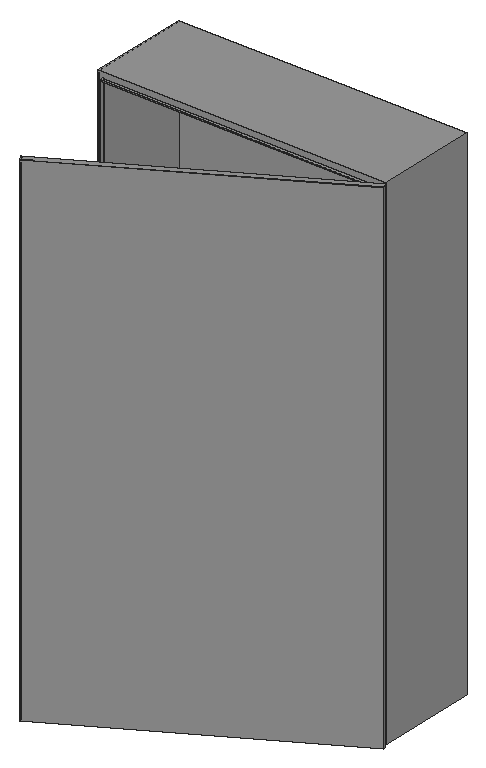
Revit family "Hager-Orion_Inox-IP66-D300-Cl.I-Inox_encl-630A-1400mm-NoHosted-PL-en", category Electrical Equipment, Revit 2020
Family settings
  Panel Configuration = Two Columns, Circuits Across
  Round Connector Dimension = Use Diameter
  Part Type = Panelboard
  Work Plane-Based = Yes
  Always vertical = Yes
  Cut with Voids When Loaded = No
  Shared = No
  Room Calculation Point = No
Parameters (values of type "Surface mounted (plaster) IP66 W800 H1400 D300  - FL049BWL")
  Width Control [instance] = if([EF000008 - Width] > Min Width, [EF000008 - Width], Min Width)  # 800 mm
  Type Comments = [HG000003 - Range]  # "Orion Inox"
  Thickness Door [instance] = if([EF009171 - Material plate thickness door/cover] > 3 mm, 3 mm, [EF009171 - Material plate thickness door/cover])  # 1.5 mm
  Seal Frame Offset [instance] = 17 mm  # constant formula
  Min Width [instance] = 100 mm  # constant formula
  Min Depth [instance] = (2 * [EF009170 - Material plate thickness cabinet]) + 1 mm  # 4 mm
  Min Height [instance] = 100 mm  # constant formula
  Internal Frame Depth [instance] = -(Door System Depth * 0.5)  # -9 mm
  Panel Name [instance] = ""  # (empty or 0)
  Model = ""
  HG000027 - Plinth height = 0 mm
  HG000026 - Floor standing = no
  HG000024 - Bottom section height = 600 mm
  HG000023 - Double section enclosure = no
  HG000016 - Door 3d visibility [instance] = yes
  HG000015 - Clearance visibility [instance] = no
  HG000014 - Door on the right [instance] = yes
  HG000013 - Door on the left [instance] = not([HG000014 - Door on the right])  # no
  HG000012 - Door swing angle [instance] = 30.00°
  HG000010 - Asymmetric doors = no
  HG000009 - Double swing door = no
  HG000006 - Flush mounted = no
  HG000004 - Manufacturer reference = "FL049BWL"
  HG000003 - Range = "Orion Inox"
  HG000002 - With door or cover = yes
  Frame Offset Bottom [instance] = 10 mm  # constant formula
  Frame Offset [instance] = 15 mm  # constant formula
  EF015940 - Cover with overpressure release = no
  EF011959 - Degree of protection (NEMA) = ""
  EF009554 - Number of openings for flange plates = 0
  EF009212 - Cover model = "EV000116 - Closed"
  EF009171 - Material plate thickness door/cover = 1.5 mm
  EF009170 - Material plate thickness cabinet = 1.5 mm
  EF008873 - Nominal current (In) = 630 A
  EF007800 - Suitable for lightning protection = no
  EF006306 - With lock = yes
  EF006244 - Transparent cover/door = no
  EF005474 - Degree of protection (IP) = "EV006422 - IP66"
  EF004464 - Type of door = "EV002646 - Single"
  EF004427 - Number of modules = 0
  EF004293 - Impact strength = "EV008784 - IK10"
  EF003532 - Suitable for outdoor use = yes
  EF002950 - Width in number of modular spacings = 0
  EF001613 - Circuit integrity = "EV000494 - None"
  EF001596 - Material housing = "EV000166 - Stainless steel"
  EF001131 - Internal depth = 266 mm
  EF001088 - Extension possible = yes
  EF000437 - Number of conduit inlets = 0
  EF000339 - Type of cover = "EV004216 - Door"
  EF000266 - Number of rows = 0
  EF000218 - Built-in depth = 0 mm
  EF000118 - With mounting plate = no
  EF000116 - RAL-number = ""
  EF000049 - Depth = 300 mm
  EF000040 - Height = 1400 mm
  EF000008 - Width = 800 mm
  EF000007 - Colour = "EV000154 - Other"
  EF000003 - Mounting method = "EV000384 - Surface mounted (plaster)"
  Door System Leaf Tolerance [instance] = 1.5 mm  # constant formula
  Door System Depth [instance] = 18 mm  # constant formula
  Description = ""
  Default Elevation = 1219.2 mm
  Connector Offset [instance] = Height Control / 2  # 700 mm
  Manufacturer = "Hager"  # constant formula
  Height Control [instance] = if([EF000040 - Height] > Min Height, [EF000040 - Height], Min Height)  # 1400 mm
  Depth Control [instance] = if([EF000049 - Depth] > Min Depth, [EF000049 - Depth], Min Depth)  # 300 mm
Types (2, lengths in mm): name | HG000004 - Manufacturer reference
  Surface mounted (plaster) IP66 W800 H1400 D300  - FL049BW | "FL049BW"
  Surface mounted (plaster) IP66 W800 H1400 D300  - FL049BWL | "FL049BWL"
Reference planes
  plane 1 "Center (Front/Back)": y = 0
  plane 2: z = 0
  plane 3 "Center (Left/Right)": x = 0
  plane 4: y = 0
  plane 5: y = 0
  plane 6: z = 0
  plane 7: x = -400
  plane 8: x = 400
  plane 9: x = 398.5
  plane 10: x = -398.5
  plane 11: z = 0
  plane 12: z = 1.5
  plane 13: y = -300
  plane 14: y = -1.5
  plane 15: x = 0
  plane 16: y = -282
  plane 17: y = -298.5
  plane 18: y = -280.5
  plane 19: x = -383.5
  plane 20: x = 383.5
  plane 21: z = 11.5
  plane 22: x = -383
  plane 23: x = 383
  plane 24: z = 0
  plane 25: z = 1400
  plane 26: z = 1400
  plane 27: z = 1383.5
  plane 28: z = 1398.5
Forms (mm)
  Extrusion 1, solid, material "Hager_Stainless_Steel", detail levels medium+fine
    sketch origin (-208.679, -4572, 0) x (-1, 0, 0) y (0, -1, 0)
      loop
        line (191.321, -4290) -> (-608.679, -4290) -> (-608.679, -4572) -> (191.321, -4572) -> (191.321, -4290)
    from 0 to 1400
  Extrusion 2, void
    sketch origin (-350.771, -300, 1219.2) x (1, 0, 0) y (0, 0, 1)
      loop
        line (-47.729, 179.3) -> (-47.729, -1217.7) -> (749.271, -1217.7) -> (749.271, 179.3) -> (-47.729, 179.3)
    from -19.5 to -298.5
  Extrusion 3, void
    sketch origin (-290.084, -282, 1219.2) x (1, 0, 0) y (0, 0, 1)
      loop
        line (-93.416, -1207.7) -> (673.584, -1207.7) -> (673.584, 164.3) -> (-93.416, 164.3) -> (-93.416, -1207.7)
    from 0 to -1.5
  Extrusion 4, solid, material "Hager_Stainless_Steel", detail levels fine
    sketch origin (-290.084, -282, 1219.2) x (-1, 0, 0) y (0, 0, 1)
      loop
        line (-673.584, -1207.7) -> (93.416, -1207.7) -> (93.416, 164.3) -> (-673.584, 164.3) -> (-673.584, -1207.7)
      loop
        line (-675.084, -1209.2) -> (94.916, -1209.2) -> (94.916, 165.8) -> (-675.084, 165.8) -> (-675.084, -1209.2)
    from 0 to -9 <- "Internal Frame Depth"
  Extrusion 5, solid, material "Hager_Stainless_Steel", detail levels coarse
    sketch origin (0, 0, 0) x (1, 0, 0) y (0, 1, 0)
      loop
        line (-400, 0) -> (-400, -300) -> (400, -300) -> (400, 0) -> (-400, 0)
    from 0 to 1400 <- "Height Control"
Cuts and joins
  Extrusion 2, Extrusion 3 cuts Extrusion 1
Lines and regions (mm)
  Masking region 1
    outline origin (0, 0, 0) x (1, 0, 0) y (0, 1, 0)
      loop
        line (-400, 0) -> (-400, -300) -> (400, -300) -> (400, 0) -> (-400, 0)
  Masking region 2
    outline origin (-290.084, -282, 1219.2) x (-1, 0, 0) y (0, 0, 1)
      loop
        line (-690.084, -1219.2) -> (109.916, -1219.2) -> (109.916, 180.8) -> (-690.084, 180.8) -> (-690.084, -1219.2)
  Masking region 3, detail levels coarse
    outline origin (0, 0, 0) x (0, 1, 0) y (0, 0, 1)
      loop
        line (0, 0) -> (0, 1400) -> (-300, 1400) -> (-300, 0) -> (0, 0)
  Masking region 4, detail levels medium+fine
    outline origin (0, 0, 594.038) x (0, 1, 0) y (0, 0, 1)
      loop
        line (0, -594.038) -> (0, 805.962) -> (-282, 805.962) -> (-282, -594.038) -> (0, -594.038)
Dimensions and locks
  locked: plane 1 "Center (Front/Back)" to plane 5
  "EF009170 - Material plate thickness cabinet": plane 7 to plane 10
  "EF009170 - Material plate thickness cabinet": plane 8 to plane 9
  equal spacing: plane 7, plane 3 "Center (Left/Right)", plane 8
  "Width Control": plane 7 to plane 8
  "Depth Control": plane 4 to plane 13
  "EF009170 - Material plate thickness cabinet": plane 4 to plane 14
  "Height Control": plane 25 to level
  "EF009170 - Material plate thickness cabinet": plane 12 to plane 11
  "EF009170 - Material plate thickness cabinet": plane 17 to plane 13
  "EF009170 - Material plate thickness cabinet": plane 18 to plane 16
  "Frame Offset Bottom": plane 21 to plane 12
  "Frame Offset": plane 10 to plane 19
  "Frame Offset": plane 9 to plane 20
  "Door System Depth": plane 16 to plane 13
  "Seal Frame Offset": plane 7 to plane 22
  "Seal Frame Offset": plane 8 to plane 23
  "EF009170 - Material plate thickness cabinet": plane 26 to plane 28
  "Frame Offset": plane 28 to plane 27
  "Connector Offset": plane 2 to connector elem
  "Thickness Door": cut or joined group of Extrusion 1, Extrusion 2, Extrusion 3 to Extrusion 4 sketch curve
  "Thickness Door": Extrusion 4 sketch curve to plane 19
  "Thickness Door": Extrusion 4 sketch curve to plane 20
  "Thickness Door": Extrusion 4 sketch curve to plane 27
  aligned and locked: Extrusion 2 sketch curve to plane 12
  aligned and locked: Extrusion 2 sketch curve to plane 9
  aligned and locked: Extrusion 2 sketch curve to plane 10
  aligned and locked: Extrusion 2 to plane 14
  aligned and locked: Extrusion 1 sketch curve to plane 4
  aligned and locked: plane 8 to Extrusion 1 sketch curve
  aligned and locked: plane 7 to Extrusion 1 sketch curve
  aligned and locked: Extrusion 2 to plane 18
  aligned and locked: Extrusion 3 sketch curve to plane 19
  aligned and locked: plane 20 to Extrusion 3 sketch curve
  aligned and locked: Extrusion 3 to Extrusion 2
  aligned and locked: Extrusion 3 sketch curve to plane 21
  aligned and locked: plane 3 "Center (Left/Right)" to nested 1
  aligned and locked: Extrusion 1 sketch curve to plane 16
  aligned and locked: Masking region 1 sketch curve to plane 7
  aligned and locked: Masking region 1 sketch curve to plane 5
  aligned and locked: Masking region 1 sketch curve to plane 8
  aligned and locked: Masking region 2 sketch curve to level
  aligned and locked: level to Masking region 3 sketch curve
  aligned and locked: plane 1 "Center (Front/Back)" to Masking region 3 sketch curve
  aligned and locked: plane 13 to Masking region 3 sketch curve
  aligned and locked: Masking region 2 sketch curve to plane 8
  aligned and locked: Masking region 2 sketch curve to plane 7
  aligned and locked: plane 7 to nested 2
  aligned and locked: nested 2 to plane 5
  aligned and locked: plane 5 to Masking region 4 sketch curve
  aligned and locked: plane 26 to Masking region 4 sketch curve
  aligned and locked: Extrusion 5 sketch curve to plane 8
  aligned and locked: Extrusion 5 sketch curve to plane 7
  aligned and locked: Extrusion 5 sketch curve to plane 5
  aligned and locked: Extrusion 3 sketch curve to plane 27
  aligned and locked: Extrusion 2 sketch curve to plane 28
  aligned and locked: Extrusion 4 sketch curve to plane 27
  aligned and locked: Extrusion 4 sketch curve to plane 20
  aligned and locked: Extrusion 4 sketch curve to plane 21
  aligned and locked: Extrusion 4 sketch curve to plane 19
  aligned and locked: Masking region 2 to plane 25
  aligned and locked: Masking region 4 sketch curve to plane 24
  aligned and locked: Masking region 1 to plane 13
  aligned and locked: nested 1 to plane 16
  aligned and locked: Masking region 3 to plane 25
  aligned and locked: Masking region 4 sketch curve to plane 16
  aligned and locked: plane 24 to plane 11
  aligned and locked: plane 26 to plane 25
  aligned and locked: level to plane 24
  aligned and locked: Extrusion 1 to Masking region 3
  aligned and locked: level to nested 1
Automatic sketch dimensions
  Extrusion 5 sketch curve to plane 13 = 0 mm
  plane 27 to Masking region 2 sketch curve = 16.5 mm
  plane 27 to Masking region 3 sketch curve = 16.5 mm
  Masking region 1 sketch curve to plane 13 = 0 mm
  Extrusion 3 sketch curve to plane 21 = 0 mm
  plane 19 to Extrusion 3 sketch curve = 0 mm
  Extrusion 3 sketch curve to plane 20 = 0 mm
Nested families
  nested 1: "EC000058_OrionInox_Door" at (0, -282, 0), Double <- "HG000009 - Double swing door", Transparent <- "EF006244 - Transparent cover/door", Angle <- "HG000012 - Door swing angle", Door_Right <- "HG000014 - Door on the right", Assymetrical <- "HG000010 - Asymmetric doors", Door <- "HG000002 - With door or cover", Width_Ctrl <- "Width Control", 3d_Door <- "HG000016 - Door 3d visibility", Clearance <- "HG000015 - Clearance visibility", Door_Left <- "HG000013 - Door on the left", Width <- "Width Control", Door_Depth <- "Door System Depth", Leaf_Tolerance <- "Door System Leaf Tolerance", Height <- "Height Control", Thickness <- "Thickness Door", type "EC000058_OrionInox_Door", detail levels medium+fine
    with min_wh 4 mm, Width_Ctrl 800 mm, Width 800 mm, Transparent no, Thickness 1.5 mm, Seal_Material Hager_Rubber, Leaf_Width 800 mm, Leaf_Tolerance_External_Sides 0 mm, Leaf_Tolerance 1.5 mm, Leaf_Offset 0 mm, Leaf_Height 1397 mm, Leaf_2_Width 800 mm, Leaf_2_Offset 400 mm, Leaf_1_Width 800 mm, Leaf_1_Offset 400 mm, Height_Ctrl 1400 mm, Height 1400 mm, Glass_Material Hager_Glass, Double_Clearance_Ctrl no, Double no, Door_Right_Ctrl yes, Door_Right yes, Door_Material Hager_Stainless_Steel, Door_Left_Ctrl no, Door_Left no, Door_Depth 18 mm, Door yes, Clearance_Material Hager_Clearance, Clearance_Depth 800 mm, Clearance_Ctrl no, Clearance no, Assymetrical no, Angle 30.00°, 3d_Door yes
  nested 2: "Hager_Enclosure_Symbol" at (-400, 0, 0), Height <- "Depth Control", Width <- "Width Control", type "Hager_Enclosure_Symbol"
    with Width_Ctrl 800 mm, Width 800 mm, Height_Ctrl 300 mm, Height 300 mm, A_Width_Int 19.688 mm, A_Width 236.25 mm, A_Height_Ctrl 262.5 mm, A_Height 262.5 mm
Connectors
  electrical at (0, 0, 700)
    settings: on plane 1 "Center (Front/Back)", index 1, voltage 0 V, apparent load 0 VA, apparent load phase1 0 VA, apparent load phase2 0 VA, apparent load phase3 0 VA, power factor 1, load classification "Other", number of poles 1, system type 30, power factor state 1, is connector primary yes, connector utility no, sub classification motor no, connector description ""
Definition of nested family "EC000058_OrionInox_Door"
  Parameters (values of type "EC000058_OrionInox_Door")
    min_wh [instance] = (2 * Thickness) + 1 mm  # 11 mm
    Width_Ctrl [instance] = 400 mm
    Width [instance] = 500 mm
    Transparent [instance] = yes
    Thickness [instance] = 5 mm
    Seal_Material [instance] = none
    Leaf_Width [instance] = if((Width_Ctrl - 2 * Leaf_Tolerance_External_Sides) > 0 mm, (Width_Ctrl - 2 * Leaf_Tolerance_External_Sides), min_wh)  # 400 mm
    Leaf_Tolerance_External_Sides [instance] = 0 mm  # constant formula
    Leaf_Tolerance [instance] = 1.5 mm
    Leaf_Offset [instance] = 0 mm  # constant formula
    Leaf_Height [instance] = if((Height_Ctrl - 2 * Leaf_Tolerance) > 0 mm, (Height_Ctrl - 2 * Leaf_Tolerance), min_wh)  # 497 mm
    Leaf_2_Width [instance] = if(and(and(Double, Assymetrical), Door_Left), (Leaf_Width / 3) - (Leaf_Tolerance / 2), if(and(and(Double, Assymetrical), Door_Right), (Leaf_Width / 3) * 2 - (Leaf_Tolerance / 2), if(and(Double, not(Assymetrical)), (Leaf_Width / 2) - Leaf_Tolerance, Leaf_Width)))  # 400 mm
    Leaf_2_Offset [instance] = if(and(Double, Assymetrical), Leaf_2_Width / 2, if(and(Double, not(Assymetrical)), Leaf_Width / 4, Leaf_Width / 2))  # 200 mm
    Leaf_1_Width [instance] = if(and(and(Double, Assymetrical), Door_Right), (Leaf_Width / 3) - (Leaf_Tolerance / 2), if(and(and(Double, Assymetrical), Door_Left), (Width / 3) * 2 - (Leaf_Tolerance / 2), if(and(Double, not(Assymetrical)), (Leaf_Width / 2) - Leaf_Tolerance, Leaf_Width)))  # 400 mm
    Leaf_1_Offset [instance] = if(and(Double, Assymetrical), Leaf_1_Width / 2, if(and(Double, not(Assymetrical)), Leaf_Width / 4, Leaf_Width / 2))  # 200 mm
    Height_Ctrl [instance] = if(Height > min_wh, Height, min_wh)  # 500 mm
    Height [instance] = 500 mm
    Glass_Material [instance] = none
    Double_Clearance_Ctrl [instance] = and(Double, Clearance)  # no
    Double [instance] = no
    Door_Right_Ctrl [instance] = and(or(Door_Right, Double), Door)  # yes
    Door_Right [instance] = yes
    Door_Material [instance] = none
    Door_Left_Ctrl [instance] = and(or(Door_Left, Double), Door)  # no
    Door_Left [instance] = no
    Door_Depth [instance] = 30 mm
    Door [instance] = yes
    Default Elevation = 1219.2 mm
    Clearance_Material [instance] = none
    Clearance_Depth [instance] = if(Leaf_1_Width > Leaf_2_Width, Leaf_1_Width, Leaf_2_Width)  # 400 mm
    Clearance_Ctrl [instance] = and(not(Double), Clearance)  # yes
    Clearance [instance] = yes
    Assymetrical [instance] = yes
    Angle [instance] = 30.00°
    3d_Door [instance] = yes
  Reference planes
    plane 1 "Center (Front/Back)": y = 0
    plane 2 "Bottom": z = 0
    plane 3 "Center (Left/Right)": x = 0
    plane 4: z = 500
    plane 5: x = -200
    plane 6: x = 200
    plane 7: z = 500
    plane 8: x = -200
    plane 9: z = 0
    plane 10: x = 200
    plane 11: y = 0
    plane 12: z = 1.5
    plane 13: x = -600
    plane 14: y = -400
    plane 15: x = 600
    plane 16: x = 0
    plane 17: x = 0
    plane 18: x = -200
    plane 19: x = 200
    plane 20: z = 498.5
  Forms (mm)
    Extrusion 1, solid, material <- "Clearance_Material", visible <- "Double_Clearance_Ctrl"
      sketch origin (1200, 0, 0) x (1, 0, 0) y (0, 0, -1)
        loop
          line (-1800, -498.5) -> (-600, -498.5) -> (-600, 0) -> (-1800, 0) -> (-1800, -498.5)
      from 0 to -400
  Dimensions and locks
    equal spacing: plane 5, plane 3 "Center (Left/Right)", plane 6
    "Width_Ctrl": plane 5 to plane 6
    "Leaf_Offset": plane 5 to plane 8
    "Leaf_Offset": plane 6 to plane 10
    "Leaf_Offset": plane 9 to level
    "Leaf_Offset": plane 4 to plane 7
    "Height_Ctrl": plane 4 to level
    "Leaf_Tolerance": plane 12 to plane 9
    locked: plane 11 to plane 1 "Center (Front/Back)"
    "Leaf_1_Offset": plane 18 to plane 16
    "Leaf_2_Offset": plane 17 to plane 19
    "Leaf_1_Width": plane 13 to plane 8
    "Leaf_2_Width": plane 10 to plane 15
    "Clearance_Depth": plane 14 to plane 1 "Center (Front/Back)"
    "Leaf_Tolerance_External_Sides": plane 8 to plane 18
    "Leaf_Tolerance_External_Sides": plane 19 to plane 10
    "Leaf_Tolerance": plane 7 to plane 20
    aligned and locked: level to plane 2 "Bottom"
    aligned and locked: nested 1 to plane 16
    aligned and locked: nested 2 to plane 17
    aligned and locked: Extrusion 1 to plane 13
    aligned and locked: plane 15 to Extrusion 1
    aligned and locked: Extrusion 1 to plane 14
    aligned and locked: plane 12 to nested 1
    aligned and locked: nested 2 to plane 12
    aligned and locked: Extrusion 1 to plane 11
    aligned and locked: plane 20 to Extrusion 1
    aligned and locked: nested 2 to plane 11
    aligned and locked: nested 1 to plane 11
  Automatic sketch dimensions
    Extrusion 1 sketch curve to level = 0 mm
    plane 5 to Extrusion 1 sketch curve = 400 mm
    plane 6 to Extrusion 1 sketch curve = 400 mm
    Extrusion 1 sketch curve to plane 4 = 1.5 mm
  Nested families
    nested 1: "EC000058_OrionInox_Door_Leaf" at (0, 0, 1.5), Width <- "Leaf_1_Width", visible <- "Door_Left_Ctrl", Leaf_Height <- "Leaf_Height", Angle <- "Angle", 3d_Door <- "3d_Door", Transparent <- "Transparent", Clearance Material <- "Clearance_Material", Clearance <- "Clearance_Ctrl", Door_Material <- "Door_Material", Glass_Material <- "Glass_Material", Door_Depth <- "Door_Depth", Seal_Material <- "Seal_Material", Thickness <- "Thickness", type "EC000058_OrionInox_Door_Leaf"
      with Width 400 mm, Transparent_Ctrl yes, Transparent yes, Thickness 5 mm, Standard no, Seal_Material none, Seal_D2 8 mm, Seal_D1 1 mm, Offset_Internal_Frame 10 mm, Lock_Width 28 mm, Lock_Thickness 2 mm, Lock_Radius 6 mm, Leaf_Height 497 mm, Internal_Seal_Thickness 8 mm, Internal_Seal_Depth_2 4.5 mm, Internal_Frame_Depth 25 mm, Glass_Thickness -1 mm, Glass_Offset -2 mm, Glass_Material none, Door_Material none, Door_Depth 30 mm, Clearance Material none, Clearance yes, Angle_Ctrl 30.00°, Angle 30.00°, 3d_Door yes
    nested 2: "EC000058_OrionInox_Door_Leaf" at (0, 0, 1.5) x (-1, 0, 0) z (0, 0, 1), Width <- "Leaf_2_Width", visible <- "Door_Right_Ctrl", Leaf_Height <- "Leaf_Height", Angle <- "Angle", 3d_Door <- "3d_Door", Transparent <- "Transparent", Clearance Material <- "Clearance_Material", Clearance <- "Clearance_Ctrl", Door_Material <- "Door_Material", Glass_Material <- "Glass_Material", Door_Depth <- "Door_Depth", Seal_Material <- "Seal_Material", Thickness <- "Thickness", type "EC000058_OrionInox_Door_Leaf"
      with Width 400 mm, Transparent_Ctrl yes, Transparent yes, Thickness 5 mm, Standard no, Seal_Material none, Seal_D2 8 mm, Seal_D1 1 mm, Offset_Internal_Frame 10 mm, Lock_Width 28 mm, Lock_Thickness 2 mm, Lock_Radius 6 mm, Leaf_Height 497 mm, Internal_Seal_Thickness 8 mm, Internal_Seal_Depth_2 4.5 mm, Internal_Frame_Depth 25 mm, Glass_Thickness -1 mm, Glass_Offset -2 mm, Glass_Material none, Door_Material none, Door_Depth 30 mm, Clearance Material none, Clearance yes, Angle_Ctrl 30.00°, Angle 30.00°, 3d_Door yes
  Definition of nested family "EC000058_OrionInox_Door_Leaf"
    Parameters (values of type "EC000058_OrionInox_Door_Leaf")
      Width [instance] = 450 mm
      Transparent_Ctrl [instance] = and(Transparent, [3d_Door])  # yes
      Transparent [instance] = yes
      Thickness [instance] = 5 mm
      Standard [instance] = and(not(Transparent), [3d_Door])  # no
      Seal_Material [instance] = none
      Seal_D2 [instance] = 8 mm  # constant formula
      Seal_D1 [instance] = 1 mm  # constant formula
      Offset_Internal_Frame [instance] = 10 mm  # constant formula
      Lock_Width [instance] = Door_Depth - Lock_Thickness  # 28 mm
      Lock_Thickness [instance] = 2 mm  # constant formula
      Lock_Radius [instance] = 6 mm  # constant formula
      Leaf_Height [instance] = 450 mm
      Internal_Seal_Thickness [instance] = 8 mm  # constant formula
      Internal_Seal_Depth_2 [instance] = 4.5 mm  # constant formula
      Internal_Frame_Depth [instance] = if(Door_Depth - Thickness > 5 mm, Door_Depth - Thickness, 5 mm)  # 25 mm
      Glass_Thickness [instance] = if(Thickness > 15 mm, Glass_Offset + 10 mm, -1 mm)  # -1 mm
      Glass_Offset [instance] = if(Thickness > 15 mm, -(Thickness + 10 mm) / 2, -2 mm)  # -2 mm
      Glass_Material [instance] = none
      Door_Material [instance] = none
      Door_Depth [instance] = 30 mm
      Default Elevation = 0 mm
      Clearance Material [instance] = none
      Clearance [instance] = yes
      Angle_Ctrl [instance] = if(Angle > 180.00°, 180.00°, Angle)  # 90.00°
      Angle [instance] = 90.00°
      3d_Door [instance] = yes
    Reference planes
      plane 1 "Center (Front/Back)": y = 0
      plane 2: z = 0
      plane 3 "Center (Left/Right)": x = 0
      plane 4: y = 450
      plane 5: x = -225
      plane 6: x = 225
      plane 7: x = -675
      plane 8: z = 450
      plane 9: z = 30
      plane 10: z = 420
      plane 11: x = 195
      plane 12: x = -195
      plane 13: y = -3
      plane 14: z = 107.833
      plane 15: y = -5
      plane 16: y = -223.314
      plane 17: x = -225
      plane 18: y = 30
    Forms (mm)
      Extrusion 1, solid, material <- "Clearance Material", visible <- "Clearance"
        sketch origin (0, 0, 0) x (1, 0, 0) y (0, 0, 1)
          loop
            line (-675, 450) -> (-675, 0) -> (225, 0) -> (225, 450) -> (-675, 450)
        from 0 to -450
      Extrusion 2, solid, material <- "Door_Material", visible <- "Standard", detail levels medium+fine
        sketch origin (-225, 0, 0) x (0, 1, 0) y (-1, 0, 0)
          loop
            line (0, 30) -> (0, 25) -> (450, 25) -> (450, 30) -> (0, 30)
        from 0 to 450 <- "Leaf_Height"
      Extrusion 3, solid, material <- "Door_Material", visible <- "Transparent_Ctrl", detail levels medium+fine
        sketch origin (-225, 0, 0) x (0, 1, 0) y (-1, 0, 0)
          loop
            line (0, 25) -> (450, 25) -> (450, 30) -> (0, 30) -> (0, 25)
        from 0 to 450 <- "Leaf_Height"
      Extrusion 4, void
        sketch origin (-250, 450, 0) x (0, 1, 0) y (0, 0, -1)
          loop
            line (-30, -420) -> (-30, -30) -> (-420, -30) -> (-420, -420) -> (-30, -420)
        from 0 to 5 <- "Thickness"
      Sweep 5, solid, material <- "Seal_Material", visible <- "Transparent_Ctrl", detail levels fine
        path in 3D
          loop
            line (-250, 30, 30) -> (-250, 30, 420) -> (-250, 420, 420) -> (-250, 420, 30) -> (-250, 30, 30)
        profile origin (-250, 225, 30) x (1, 0, 0) y (0, 0, 1)
          loop
            line (0, 0) -> (0, -8) -> (1, -8) -> (1, 0) -> (0, 0)
      Extrusion 6, solid, material <- "Glass_Material", visible <- "Transparent_Ctrl", detail levels medium+fine
        sketch origin (-255, 0, 0) x (0, 1, 0) y (0, 0, -1)
          loop
            line (420, -420) -> (420, -30) -> (30, -30) -> (30, -420) -> (420, -420)
        from -2 <- "Glass_Offset" to -1 <- "Glass_Thickness"
      Extrusion 7, solid, material <- "Door_Material", visible <- "3d_Door", detail levels medium+fine
        sketch origin (-250, 450, 0) x (0, -1, 0) y (0, 0, -1)
          loop
            line (0, -450) -> (450, -450) -> (450, 0) -> (0, 0) -> (0, -450)
          loop
            line (445, -5) -> (5, -5) -> (5, -445) -> (445, -445) -> (445, -5)
        from 0 to 25 <- "Internal_Frame_Depth"
      Sweep 8, solid, material <- "Seal_Material", visible <- "Transparent_Ctrl", detail levels fine
        path in 3D
          loop
            line (-250, 0, 0) -> (-250, 450, 0) -> (-250, 450, 450) -> (-250, 0, 450) -> (-250, 0, 0)
        profile origin (-250, 0, 225) x (1, 0, 0) y (0, 1, 0)
          loop
            line (0, 10) -> (2.975, 10)
            arc (2.975, 10) -> (4.053, 10.447) -> (4.5, 11.525) r 1.525
            line (4.5, 11.525) -> (4.5, 16.527)
            arc (4.5, 16.527) -> (4.069, 17.569) -> (3.027, 18) r 1.473
            line (3.027, 18) -> (0, 18) -> (0, 10)
    Cuts and joins
      Extrusion 4 cuts Extrusion 3
    Lines and regions (mm)
      Masking region 1, detail levels medium+fine
        outline origin (0, 0, 0) x (0, 1, 0) y (0, 0, 1)
          loop
            line (0, 0) -> (30, 0) -> (30, 450) -> (0, 450) -> (0, 0)
      Masking region 2, detail levels medium+fine
        outline origin (0, 0, 0) x (1, 0, 0) y (0, 0, 1)
          loop
            line (-225, 450) -> (-225, 0) -> (225, 0) -> (225, 450) -> (-225, 450)
      symbolic lines
        curve 1: line (225, 0, 0) -> (-675, 0, 0)
        curve 2: arc (225, 0, 0) -> (-225, 450, 0) -> (-675, 0, 0) r 450
        curve 4: line (-255, 0, 0) -> (-255, 450, 0)
      reference lines
        curve 3: line (-225, 0, 0) -> (-225, 450, 0)
      symbolic lines, detail levels medium+fine
        curve 5: line (-255, 450, 0) -> (-250, 450, 0)
        curve 7: line (-250, 0, 0) -> (-255, 0, 0)
        curve 8: line (-250, 0, 0) -> (-225, 0, 0)
        curve 9: line (-225, 0, 0) -> (-225, 450, 0)
        curve 10: line (-225, 450, 0) -> (-250, 450, 0)
      symbolic lines, detail levels fine
        curve 6: line (-250, 450, 0) -> (-250, 0, 0)
      sketch lines
        curve 11: line (-250, 0, 450) -> (-250, 0, 0)
        curve 12: line (-250, 450, 0) -> (-250, 0, 0)
        curve 13: line (-250, 450, 450) -> (-250, 450, 0)
        curve 14: line (-250, 0, 450) -> (-250, 450, 450)
        curve 15: line (-250, 420, 30) -> (-250, 30, 30)
        curve 16: line (-250, 30, 30) -> (-250, 30, 420)
        curve 17: line (-250, 420, 420) -> (-250, 420, 30)
        curve 18: line (-250, 30, 420) -> (-250, 420, 420)
      symbolic lines, visible <- "Transparent", detail levels medium+fine
        curve 19: line (-195, 0, 420) -> (195, 0, 420)
        curve 20: line (-195, 0, 30) -> (-195, 0, 420)
        curve 21: line (195, 0, 30) -> (-195, 0, 30)
        curve 22: line (195, 0, 420) -> (195, 0, 30)
    Dimensions and locks
      "Width": plane 1 "Center (Front/Back)" to plane 4
      equal spacing: plane 5, plane 3 "Center (Left/Right)", plane 6
      "Width": plane 5 to plane 6
      "Width": plane 7 to plane 5
      "Leaf_Height": plane 8 to level
      "Width": curve 5 to curve 3
      "Width": curve 3 to curve 3
      plane 8 to plane 10 = 30 mm
      plane 9 to level = 30 mm
      plane 12 to plane 5 = 30 mm
      plane 6 to plane 11 = 30 mm
      Extrusion 4 sketch curve to Extrusion 3 = 30 mm
      Extrusion 3 to Extrusion 4 sketch curve = 30 mm
      Extrusion 1 to Extrusion 4 sketch curve = 30 mm
      curve 3 to Extrusion 4 sketch curve = 30 mm
      Extrusion 4 sketch curve to cut or joined group of Extrusion 3, Extrusion 4 = 30 mm
      cut or joined group of Extrusion 3, Extrusion 4 to Extrusion 6 sketch curve = 30 mm
      cut or joined group of Extrusion 3, Extrusion 4 to Extrusion 4 sketch curve = 30 mm
      "Thickness": curve 6 to curve 4
      "Thickness": Extrusion 7 sketch curve to Extrusion 7 sketch curve  (x4)
      "Door_Depth": curve 4 to curve 3
      "Offset_Internal_Frame": profile plane to Sweep 8 sketch curve
      "Internal_Seal_Thickness": Sweep 8 sketch curve to Sweep 8 sketch curve
      "Internal_Seal_Depth_2": profile plane to Sweep 8 sketch curve
      "Seal_D1": profile plane to Sweep 5 sketch curve
      "Seal_D2": profile plane to Sweep 5 sketch curve
      "Thickness": Extrusion 2 sketch curve to Extrusion 2 sketch curve
      "Door_Depth": plane 18 to plane 1 "Center (Front/Back)"
      radius of Sweep 8 sketch curve = 1.525 mm
      radius of Sweep 8 sketch curve = 1.473 mm
      "Angle_Ctrl": angle plane 1 "Center (Front/Back)" to curve 3
      aligned and locked: level to plane 2
      aligned and locked: Extrusion 1 to curve 1
      aligned and locked: plane 6 to Extrusion 1
      aligned and locked: plane 1 "Center (Front/Back)" to Extrusion 1
      aligned and locked: plane 4 to Extrusion 1
      aligned and locked: plane 8 to Extrusion 1
      aligned and locked: curve 7 to Extrusion 2 sketch curve
      aligned and locked: curve 5 to Extrusion 2 sketch curve
      aligned and locked: curve 7 to Extrusion 3 sketch curve
      aligned and locked: Extrusion 3 sketch curve to curve 4
      aligned and locked: Extrusion 3 sketch curve to curve 6
      aligned and locked: Extrusion 3 sketch curve to curve 5
      aligned and locked: curve 9 to curve 3
      aligned and locked: Extrusion 7 sketch curve to cut or joined group of Extrusion 3, Extrusion 4  (x4)
      aligned and locked: plane 17 to curve 3
      aligned and locked: plane 1 "Center (Front/Back)" to curve 3
      aligned and locked: plane 17 to plane 5
      aligned and locked: Sweep 8 sketch curve to profile plane
      aligned and locked: Sweep 5 sketch curve to profile plane  (x2)
      aligned and locked: plane 1 "Center (Front/Back)" to Masking region 1 sketch curve
      aligned and locked: plane 18 to Masking region 1 sketch curve
      aligned and locked: level to Masking region 1 sketch curve
      aligned and locked: Masking region 1 sketch curve to plane 8
      aligned and locked: plane 17 to Masking region 2 sketch curve
      aligned and locked: level to Masking region 2 sketch curve
      aligned and locked: Masking region 2 sketch curve to plane 8
      aligned and locked: plane 12 to curve 20
      aligned and locked: plane 10 to curve 19
      aligned and locked: plane 11 to curve 22
      aligned and locked: plane 9 to curve 21
      aligned and locked: Extrusion 2 sketch curve to cut or joined group of Extrusion 3, Extrusion 4
    Automatic sketch dimensions
      plane 1 "Center (Front/Back)" to curve 2 = 0 mm
      curve 2 to plane 5 = 0 mm
      Extrusion 1 sketch curve to level = 0 mm
      Extrusion 1 sketch curve to plane 7 = 0 mm
      Extrusion 1 sketch curve to plane 6 = 0 mm
      Extrusion 1 sketch curve to plane 8 = 0 mm
      Extrusion 3 to Extrusion 6 sketch curve = 30 mm  (x4)
      Masking region 2 sketch curve to plane 6 = 0 mm
      curve 4 to curve 3 = 0 mm
Definition of nested family "Hager_Enclosure_Symbol"
  Parameters (values of type "Hager_Enclosure_Symbol")
    Width_Ctrl [instance] = if(Width > 1 mm, Width, 1 mm)  # 102.27 mm
    Width [instance] = 102.27 mm
    Height_Ctrl [instance] = if(Height > 1 mm, Height, 1 mm)  # 66.5 mm
    A_Width_Int [instance] = if(A_Width / 12 > 2 mm, A_Width / 12, 2 mm)  # 4.364 mm
    A_Width [instance] = if(A_Height_Ctrl * 0.9 > 2 mm, A_Height_Ctrl * 0.9, 2 mm)  # 52.369 mm
    A_Height_Ctrl [instance] = if(A_Height > 2 mm, A_Height, 2 mm)  # 58.188 mm
    Height [instance] = 66.5 mm
    A_Height [instance] = Height - (Height / 8)  # 58.188 mm
  Reference planes
    plane 1 "Centre (avant/arrière)": y = 0
    plane 2: z = 0
    plane 3 "Centre (gauche/droite)": x = 0
    plane 4: x = 52.369
    plane 5: y = 33.042
    plane 6: y = 41.77
    plane 7: y = 66.5
    plane 8: x = 26.184
    plane 9: y = 37.406
    plane 10: x = 102.27
    plane 11: y = 66.5
    plane 12: y = 8.313
  Lines and regions (mm)
    Filled region 1, type "Solid_Black", in view "Niveau de réf."
      outline origin (0, 0, 0) x (1, 0, 0) y (0, 1, 0)
        loop
          line (52.369, 66.5) -> (33.188, 54.536) -> (45.365, 45.006) -> (52.369, 66.5)
    Filled region 2, type "Solid_Black", in view "Niveau de réf."
      outline origin (0, 0, 0) x (1, 0, 0) y (0, 1, 0)
        loop
          line (0, 0) -> (102.27, 0) -> (102.27, 66.5) -> (0, 0)
    detail lines, in view "Niveau de réf."
      curve 1: line (0, 8.313, 0) -> (26.184, 41.77, 0)
      curve 2: line (26.184, 41.77, 0) -> (26.184, 33.042, 0)
      curve 3: line (26.184, 33.042, 0) -> (52.369, 66.5, 0)
  Dimensions and locks
    "A_Width": plane 3 "Centre (gauche/droite)" to plane 4
    equal spacing: plane 3 "Centre (gauche/droite)", plane 8, plane 4
    equal spacing: plane 6, plane 9, plane 5
    equal spacing: curve 3, Filled region 1 sketch curve, Filled region 1 sketch curve
    "Height_Ctrl": plane 1 "Centre (avant/arrière)" to plane 11
    "A_Height_Ctrl": plane 11 to plane 12
    equal spacing: plane 11, plane 9, plane 12
    "A_Width_Int": plane 6 to plane 9
    "Width_Ctrl": plane 3 "Centre (gauche/droite)" to plane 10
    angle Filled region 1 sketch curve to curve 3 = 20.00°
    angle curve 3 to Filled region 1 sketch curve = 20.00°
    locked: curve 3 to Filled region 1 sketch curve (angle 90.00°)
    aligned and locked: plane 10 to Filled region 2
    aligned and locked: plane 11 to Filled region 2 sketch curve
    aligned and locked: plane 10 to Filled region 2 sketch curve
    aligned and locked: plane 3 "Centre (gauche/droite)" to curve 1
    aligned and locked: plane 12 to curve 1
    aligned and locked: plane 7 to plane 11
  Automatic sketch dimensions
    Filled region 1 sketch curve to plane 4 = 0 mm
    Filled region 1 sketch curve to plane 7 = 0 mm
    plane 1 "Centre (avant/arrière)" to Filled region 2 sketch curve = 0 mm
    Filled region 2 sketch curve to plane 3 "Centre (gauche/droite)" = 0 mm
    curve 2 to plane 6 = 0 mm
    curve 2 to plane 8 = 0 mm
    curve 3 to plane 4 = 0 mm
    curve 2 to plane 5 = 0 mm
    curve 3 to plane 7 = 0 mm
